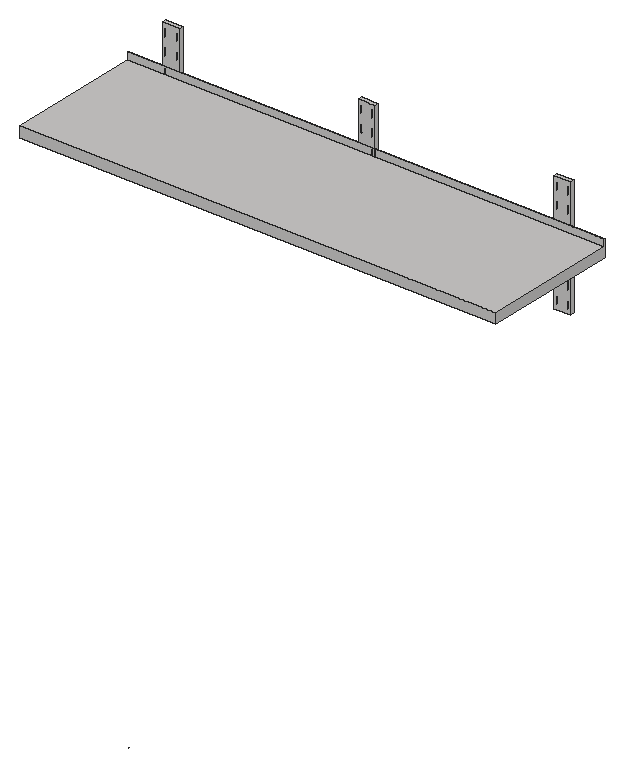
Revit family "QF_ELECTROLUXPROFESSIONAL_134150_GGWSS144", category Attrezzature speciali, Revit 2020
Family settings
  Quota connettore circolare = Usa diametro
  Tipo di parte = Normale
  Basato su piano di lavoro = No
  Sempre verticale = Sì
  Taglio con vuoti quando caricato = No
  Condiviso = No
  Punto di calcolo locali = No
Parameters (values of type "Standard")
  Weight = 8.60 kg
  Watts = 0 W
  Volts = 0 V
  URL Manufacturer = "https://www.electroluxprofessional.com/"
  URL = "https://www.electroluxprofessional.com/"
  Steam Supply Size = 0 mm
  Steam Supply Minimum Pressure = 0.0 Pa
  Steam Supply Maximum Pressure = 0.0 Pa
  Steam Consumption per Hour = 0
  Refrigeration Suction Line Size = 0.0 mm
  Refrigeration Liquid Line Size = 0.0 mm
  Refrigerant Compressor Remote = yes
  Prospetto di default = 0.0 mm
  Phase = 0
  Modello = "GGWSS144"
  Produttore = "Electrolux Professional"
  Length Actual = 1400.0 mm  # constant formula
  Item Number = "134150"
  Hot Water Size = 0 mm
  Height Actual = 350.0 mm  # constant formula
  HP = "0 HP"
  Gas Size = 0 mm
  Gas KW = 0
  Gas Input Pressure = 0 W
  Direct Waste Size = 0 mm
  Descrizione = "SOLID WALL SHELF WITH BRACKETS 1400 MM"
  Depth Actual = 415.0 mm  # constant formula
  Cycle = 0 Hz
  Condensate Return Size = 0 mm
  Compressed Air Volume = 0.0 L/s
  Compressed Air Size = 0 mm
  Compressed Air Pressure = 0.0 Pa
  Cold Water Size = 0 mm
  Accessory = yes
Reference planes
  plane 1 "Center (Front/Back)": y = 0
  plane 2: z = 0
  plane 3 "Center (Left/Right)": x = 0
  plane 4 "LEFT": x = -700
  plane 5 "RIGHT": x = 700
  plane 6 "BACK": y = 65
  plane 7 "FRONT": y = -350
  plane 8 "TOP": z = 1948
  plane 9 "base": z = 1598
  plane 10 "Ztop": z = 1815
  plane 11: x = -600
  plane 12: x = 600
Forms (mm)
  Extrusion 1, solid, material "QF_Finishes_Stainless Steel"
    sketch origin (0, 0, 0) x (0, 1, 0) y (0, 0, 1)
      loop
        line (53, 1785) -> (53, 1835) -> (51, 1835) -> (51, 1815) -> (-347.004, 1815) -> (-347.004, 1785) -> (53, 1785)
    from 700 to -700
  Extrusion 2, solid, material "QF_Finishes_Stainless Steel"
    sketch origin (0, 0, 0) x (1, 0, 0) y (0, 1, 0)
      loop
        line (-700, 53) -> (-700, 52) -> (-698.993, 52) -> (-698.993, 53) -> (-700, 53)
    from 0 to 1
Lines and regions (mm)
  symbolic lines
    curve 1: line (-700, 53, 1948) -> (-700, -347.004, 1948)
    curve 2: line (700, 53, 1948) -> (700, -347.004, 1948)
    curve 3: line (-700, 51, 1948) -> (700, 51, 1948)
    curve 4: line (700, 53, 1948) -> (-700, 53, 1948)
    curve 5: line (-700, -347.004, 1948) -> (700, -347.004, 1948)
Dimensions and locks
  plane 4 "LEFT" to plane 5 "RIGHT" = 1400.0 mm
  equal spacing: plane 4 "LEFT", plane 3 "Center (Left/Right)", plane 5 "RIGHT"
  plane 6 "BACK" to plane 7 "FRONT" = 415.0 mm
  plane 6 "BACK" to plane 1 "Center (Front/Back)" to plane 7 "FRONT" = 65.0 mm, 350.0 mm
  locked: plane 8 "TOP" to plane 9 "base" at 350
  plane 10 "Ztop" to level = 1815.0 mm
  locked: plane 10 "Ztop" to plane 8 "TOP" at 133
  locked: plane 11 to plane 4 "LEFT" at 100
  locked: plane 5 "RIGHT" to plane 12 at 100
  aligned and locked: level to plane 2
  aligned and locked: Extrusion 1 to plane 4 "LEFT"
  aligned and locked: plane 5 "RIGHT" to Extrusion 1
  aligned and locked: nested 1 to plane 11
  aligned and locked: plane 12 to nested 2
  aligned and locked: curve 3 to Extrusion 1
  aligned and locked: curve 4 to Extrusion 1
  aligned and locked: curve 5 to Extrusion 1
  aligned and locked: plane 3 "Center (Left/Right)" to nested 3
Automatic sketch dimensions
  plane 7 "FRONT" to Extrusion 1 sketch curve = 2.996 mm
  plane 10 "Ztop" to Extrusion 1 sketch curve = 30.0 mm
  Extrusion 1 sketch curve to plane 10 "Ztop" = 20.0 mm
  Extrusion 1 sketch curve to Extrusion 1 sketch curve = 2.0 mm
  plane 10 "Ztop" to Extrusion 1 sketch curve = 0.0 mm
  Extrusion 1 sketch curve to plane 6 "BACK" = 12.0 mm
  curve 2 to plane 5 "RIGHT" = 0.0 mm
  curve 1 to plane 4 "LEFT" = 0.0 mm
  Extrusion 2 sketch curve to plane 4 "LEFT" = 0.0 mm
  plane 4 "LEFT" to Extrusion 2 sketch curve = 1.007 mm
  Extrusion 2 sketch curve to plane 6 "BACK" = 13.0 mm
  Extrusion 2 sketch curve to Extrusion 2 sketch curve = 1.0 mm
Nested families
  nested 1: "WT_Staffa_H350" at (-585.291, -40.275, 1598), type "WT_Staffa_H350"
    with Type Mark "", Status "", Specification by User "", Revision Code "", Installed By "", Identify Quantity as Lot yes, Furnished By "", Foodservice Equipment Identifier yes
  nested 2: "WT_Staffa_H350" at (565.709, -40.275, 1598), type "WT_Staffa_H350"
    with Type Mark "", Status "", Specification by User "", Revision Code "", Installed By "", Identify Quantity as Lot yes, Furnished By "", Foodservice Equipment Identifier yes
  nested 3: "WT_Staffa_H350" at (-9.791, -40.275, 1598), type "WT_Staffa_H350"
    with Type Mark "", Status "", Specification by User "", Revision Code "", Installed By "", Identify Quantity as Lot yes, Furnished By "", Foodservice Equipment Identifier yes
Definition of nested family "WT_Staffa_H350"
  Parameters
    Width = 49.0 mm
    Weight = ""
    URL Manufacturer = ""
    URL Cutsheet = ""
    URL = ""
    Type Mark [instance] = ""
    Status [instance] = ""
    Specification by User [instance] = ""
    Specification by Manufacturer = ""
    Serial Number = ""
    Seismic Rating = ""
    SMACNA No = ""
    Revision Code [instance] = ""
    Default Elevation = 0.0 mm
    Omniclass Number and Title = ""
    NAFEM Spec ID Number = ""
    Model = ""
    MasterSpec. = ""
    Manufacturer = ""
    Installed By [instance] = ""
    Identify Quantity as Lot [instance] = yes
    Height = 350.0 mm
    Furnished By [instance] = ""
    Foodservice Equipment Identifier [instance] = yes
    Description = ""
    Depth = 415.0 mm
    CSI MasterFormat = ""
    CSI Master Format = ""
    Assembly Code = ""
  Reference planes
    plane 1: z = 0
    plane 2 "Center (Front/Back)": y = -102.225
    plane 3 "Center (Left/Right)": x = 9.791
    plane 4 "TOP": z = 350
    plane 5 "Back": y = 105.275
    plane 6 "Front": y = -309.725
    plane 7: x = -14.709
    plane 8: x = 34.291
  Forms (mm)
    Extrusion 1, solid
      sketch origin (0, 105.275, 0) x (0, 0, 1) y (-1, 0, 0)
        loop
          line (350, 14.709) -> (0, 14.709) -> (0, -34.291) -> (350, -34.291) -> (350, 14.709)
        loop
          line (335.5, 7.709) -> (315.5, 7.709) -> (315.5, 5.709) -> (335.5, 5.709) -> (335.5, 7.709)
        loop
          line (335.5, -25.291) -> (315.5, -25.291) -> (315.5, -27.291) -> (335.5, -27.291) -> (335.5, -25.291)
        loop
          line (285.333, 7.709) -> (265.333, 7.709) -> (265.333, 5.709) -> (285.333, 5.709) -> (285.333, 7.709)
        loop
          line (285.333, -25.291) -> (265.333, -25.291) -> (265.333, -27.291) -> (285.333, -27.291) -> (285.333, -25.291)
        loop
          line (235.167, 7.709) -> (215.167, 7.709) -> (215.167, 5.709) -> (235.167, 5.709) -> (235.167, 7.709)
        loop
          line (235.167, -25.291) -> (215.167, -25.291) -> (215.167, -27.291) -> (235.167, -27.291) -> (235.167, -25.291)
        loop
          line (185, 7.709) -> (165, 7.709) -> (165, 5.709) -> (185, 5.709) -> (185, 7.709)
        loop
          line (185, -25.291) -> (165, -25.291) -> (165, -27.291) -> (185, -27.291) -> (185, -25.291)
        loop
          line (134.833, 7.709) -> (114.833, 7.709) -> (114.833, 5.709) -> (134.833, 5.709) -> (134.833, 7.709)
        loop
          line (134.833, -25.291) -> (114.833, -25.291) -> (114.833, -27.291) -> (134.833, -27.291) -> (134.833, -25.291)
        loop
          line (34.5, 7.709) -> (14.5, 7.709) -> (14.5, 5.709) -> (34.5, 5.709) -> (34.5, 7.709)
        loop
          line (34.5, -25.291) -> (14.5, -25.291) -> (14.5, -27.291) -> (34.5, -27.291) -> (34.5, -25.291)
        loop
          line (84.667, 7.709) -> (64.667, 7.709) -> (64.667, 5.709) -> (84.667, 5.709) -> (84.667, 7.709)
        loop
          line (84.667, -25.291) -> (64.667, -25.291) -> (64.667, -27.291) -> (84.667, -27.291) -> (84.667, -25.291)
      from 0 to 12
    Extrusion 2, solid
      sketch origin (9.791, 0, 0) x (0, 1, 0) y (0, 0, 1)
        loop
          line (-283.619, 186) -> (93.275, 123.5) -> (93.275, 186) -> (-283.619, 186)
      from -24.5 to 24.5
  Lines and regions (mm)
    symbolic lines
      curve 1: line (-14.709, 105.275, 0) -> (34.291, 105.275, 0)
      curve 2: line (34.291, 105.275, 0) -> (34.291, 93.275, 0)
      curve 3: line (34.291, 93.275, 0) -> (-14.709, 93.275, 0)
      curve 4: line (-14.709, 93.275, 0) -> (-14.709, 105.275, 0)
  Dimensions and locks
    "Height": plane 4 "TOP" to level
    equal spacing: plane 5 "Back", plane 2 "Center (Front/Back)", plane 6 "Front"
    "Depth": plane 5 "Back" to plane 6 "Front"
    equal spacing: plane 8, plane 3 "Center (Left/Right)", plane 7
    "Width": plane 8 to plane 7
    aligned and locked: level to plane 1
    aligned and locked: Extrusion 2 to plane 7
    aligned and locked: plane 8 to Extrusion 2
  Automatic sketch dimensions
    Extrusion 1 sketch curve to level = 0.0 mm
    Extrusion 1 sketch curve to plane 4 "TOP" = 0.0 mm
    Extrusion 1 sketch curve to plane 8 = 0.0 mm
    Extrusion 1 sketch curve to plane 7 = 0.0 mm
    plane 7 to Extrusion 1 sketch curve = 7.0 mm  (x4)
    level to Extrusion 1 sketch curve = 14.5 mm  (x2)
    Extrusion 1 sketch curve to plane 8 = 7.0 mm  (x6)
    plane 7 to Extrusion 1 sketch curve = 9.0 mm  (x6)
    Extrusion 1 sketch curve to Extrusion 1 sketch curve = 20.0 mm  (x12)
    Extrusion 1 sketch curve to plane 8 = 9.0 mm  (x6)
    Extrusion 1 sketch curve to Extrusion 1 sketch curve = 30.167 mm  (x12)
    Extrusion 1 sketch curve to plane 4 "TOP" = 14.5 mm  (x2)
    Extrusion 1 sketch curve to Extrusion 1 sketch curve = 2.0 mm  (x6)
    Extrusion 2 sketch curve to plane 6 "Front" = 26.106 mm
    level to Extrusion 2 sketch curve = 123.5 mm
    Extrusion 2 sketch curve to plane 4 "TOP" = 164.0 mm
    plane 5 "Back" to Extrusion 2 sketch curve = 12.0 mm
    curve 3 to plane 7 = 0.0 mm
    plane 5 "Back" to curve 1 = 0.0 mm
    curve 3 to plane 8 = 0.0 mm
    curve 2 to curve 1 = 12.0 mm
